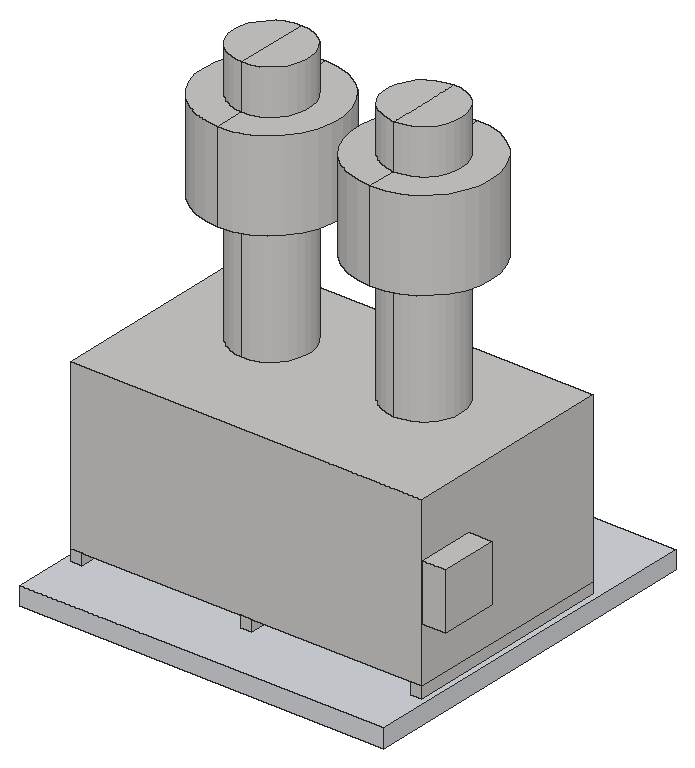
Revit family "DC_Rheem_PLM_Raypak_B3304HWT", category Plumbing Fixtures, host Face, Revit 2017
Family settings
  Host = Face
  Round Connector Dimension = Use Radius
  Part Type = Normal
  Cut with Voids When Loaded = No
  Shared = No
  Room Calculation Point = No
Parameters
  Width_ANZRS = 1430 mm
  URL = "http://www.rheem.com.au/downloads/PDF/Raypak_Mechanical_Heating_Brochure_July_09.pdf\r\n"
  Type Comments = "Recovery 12728L/h @ 50°C rise\r\n"
  TopSmallDiameter_ANZRS = 500 mm
  TopH2_ANZRS = 600 mm
  TopH1_ANZRS = 300 mm
  TopBigDiameter_ANZRS = 900 mm
  PRVDiameter_ANZRS = PRVRadius_ANZRS * 2  # 30 mm
  Materials_ANZRS = Raypak - Grey Powder Coated Steel
  PRVRadius_ANZRS = 15 mm
  PRVDistance_ANZRS = 400 mm
  Model = "B3304NCO/HWT\r\n\r\n"
  Manufacturer = "Raypak\r\n"
  Length_ANZRS = 2350 mm
  HotWaterPipeDistance_ANZRS = 235 mm
  HotWaterPipeRadius_ANZRS = 40 mm
  HotWaterPipeDiameter_ANZRS = HotWaterPipeRadius_ANZRS * 2  # 80 mm
  Height_ANZRS = 2965 mm
  GasPipeRadius_ANZRS = 40 mm
  GasPipeHeight_ANZRS = 600 mm
  GasPipeDistance_ANZRS = 210 mm
  GasPipeDiameter_ANZRS = GasPipeRadius_ANZRS * 2  # 80 mm
  EleBoxWidth_ANZRS = 160 mm
  EleBoxHeightFromBase_ANZRS = 450 mm
  EleBoxHeight_ANZRS = 380 mm
  DesignBy_ANZRS = "Design Content ©"
  Description = "Raypak - Gas Water Heater- Outdoor - 3304 MJ/h  Natural gas, On/Off gas control\r\n"
  Default Elevation = 0 mm
  ConnectionHeight_ANZRS = 910 mm
  ColdWaterPipeRadius_ANZRS = 40 mm
  ColdWaterPipeDistance_ANZRS = 567 mm
  ColdWaterPipeDiameter_ANZRS = ColdWaterPipeRadius_ANZRS * 2  # 80 mm
  BoxHeight_ANZRS = 1195 mm
  BaseWidth_ANZRS = 75 mm
  BaseHeight_ANZRS = 75 mm
  BaseDistance_ANZRS = 0 mm
  Author_ANZRS = "DM"
  Assembly Code = ""
  A1_ANZRS = 665 mm
Types (5, lengths in mm): name | URL | Type Comments | Model | GasPipeRadius_ANZRS | GasPipeDiameter_ANZRS | Description
  (no name) | "http://www.rheem.com.au/downloads/PDF/Raypak_Mechanical_Heating_Brochure_July_09.pdf\r\n" | "Recovery 12728L/h @ 50°C rise\r\n" | "B3304NCO/HWT\r\n\r\n" | 40 | 80 | "Raypak - Gas Water Heater- Outdoor - 3304 MJ/h  Natural gas, On/Off gas control\r\n"
  Raypak - Gas Water Heater- Outdoor - 3304 MJ/h  Natural gas, modulating gas control | "http://www.rheem.com.au/CommercialProducts" | "Recovery 12728L/h @ 50°C rise\r\n" | "B3304NCM/HWT\r\n" | 40 | 80 | "Raypak - Gas Water Heater- Outdoor - 3304 MJ/h  Natural gas, modulating gas control"
  Raypak - Gas Water Heater- Outdoor - 3304 MJ/h  Natural gas, On/Off gas control | "http://www.rheem.com.au/CommercialProducts" | "Recovery 12728L/h @ 50°C rise\r\n" | "B3304NCO/HWT\r\n\r\n" | 40 | 80 | "Raypak - Gas Water Heater- Outdoor - 3304 MJ/h  Natural gas, On/Off gas control\r\n"
  Raypak - Gas Water Heater- Outdoor - 3540 MJ/h  Propane gas, modulating gas control | "http://www.rheem.com.au/CommercialProducts" | "Recovery 13485L/h @ 50°C rise\r\n" | "B3304PCM/HWT\r\n" | 20 | 40 | "Raypak - Gas Water Heater- Outdoor - 3540 MJ/h  Propane gas, modulating gas control\r\n"
  Raypak - Gas Water Heater- Outdoor - 3540 MJ/h  Propane gas, On/Off gas control | "http://www.rheem.com.au/CommercialProducts" | "Recovery 13485L/h @ 50°C rise\r\n" | "B3304PCO/HWT\r\n" | 20 | 40 | "Raypak - Gas Water Heater- Outdoor - 3540 MJ/h  Propane gas, On/Off gas control\r\n"
Reference planes
  plane 1 "Center (Front/Back)": y = 0
  plane 2: z = 0
  plane 3 "Center (Left/Right)": x = 0
  plane 4: z = 75
  plane 5: x = -1175
  plane 6: x = 1175
  plane 7: x = 1335
  plane 8: z = 450
  plane 9: z = 1195
  plane 10: x = -1175
  plane 11: x = 1175
  plane 12: x = -1100
  plane 13: x = 1100
  plane 14: y = 580
  plane 15: y = -850
  plane 16: z = 2965
  plane 17: z = 2665
  plane 18: z = 2065
  plane 19: y = 250
  plane 20: y = -250
  plane 21: y = 450
  plane 22: y = -450
  plane 23: z = 910
  plane 24: y = 180
  plane 25: y = 345
  plane 26: y = -222
  plane 27: y = -640
  plane 28: z = 600
  plane 29: z = 830
  plane 30: x = -1165
  plane 31: x = -1355
  plane 32: x = -1255
  plane 33: x = -37.5
  plane 34: x = 37.5
  plane 35: x = -510
  plane 36: x = 510
  plane 37: x = -760
  plane 38: x = -260
  plane 39: x = -960
  plane 40: x = -60
  plane 41: x = 760
  plane 42: x = 260
  plane 43: x = 960
  plane 44: x = 60
  plane 45: y = -465
Forms (mm)
  Extrusion 1, solid
    sketch origin (0, 0, 0) x (1, 0, 0) y (0, 1, 0)
      loop
        line (-1219.2, 1219.2) -> (-1219.2, -1219.2) -> (1219.2, -1219.2) -> (1219.2, 1219.2) -> (-1219.2, 1219.2)
    from 0 to -120
  Extrusion 2, solid, material "Raypak - Grey Powder Coated Steel" <- "Materials_ANZRS"
    sketch origin (0, 0, 0) x (1, 0, 0) y (0, 0, 1)
      loop
        line (-1175, 75) -> (-1175, 0) -> (-1100, 0) -> (-1100, 75) -> (-1175, 75)
      loop
        line (1100, 75) -> (1100, 0) -> (1175, 0) -> (1175, 75) -> (1100, 75)
      loop
        line (-37.5, 75) -> (-37.5, 0) -> (37.5, 0) -> (37.5, 75) -> (-37.5, 75)
    from -580 to 850
  Extrusion 3, solid, material "Raypak - Grey Powder Coated Steel" <- "Materials_ANZRS"
    sketch origin (0, 0, 0) x (1, 0, 0) y (0, 1, 0)
      loop
        line (-1175, 580) -> (-1175, -850) -> (1175, -850) -> (1175, 580) -> (-1175, 580)
    from 75 to 1195
  Revolve 4, solid, material "Raypak - Grey Powder Coated Steel" <- "Materials_ANZRS"
    sketch origin (-510, -4572, 910) x (0, 0, -1) y (0, -1, 0)
      loop
        line (-2055, -4572) -> (-285, -4572) -> (-285, -4322) -> (-1155, -4322) -> (-1155, -4122) -> (-1755, -4122) -> (-1755, -4322) -> (-2055, -4322) -> (-2055, -4572)
      axis (-2055, -4572) -> (-285, -4572)
    angle from 0 to 360
  Extrusion 5, solid, material "Raypak - Grey Powder Coated Steel" <- "Materials_ANZRS"
    sketch origin (0, 0, 0) x (1, 0, 0) y (0, 0, 1)
      loop
        line (1175, 830) -> (1175, 450) -> (1335, 450) -> (1335, 830) -> (1175, 830)
    from 465 to 850
  Extrusion 6, solid, material "Raypak - Grey Powder Coated Steel" <- "Materials_ANZRS"
    sketch origin (0, 0, 0) x (0, 1, 0) y (0, 0, 1)
      loop
        circle (345, 910) r 40
      loop
        circle (-222, 910) r 40
    from -1355 to -1175
  Extrusion 7, solid, material "Raypak - Grey Powder Coated Steel" <- "Materials_ANZRS"
    sketch origin (0, 0, 0) x (0, 1, 0) y (0, 0, 1)
      loop
        circle (-640, 600) r 40
    from -1110 to -1175
  Extrusion 8, void
    sketch origin (0, 0, 0) x (0, 1, 0) y (0, 0, 1)
      loop
        circle (180, 910) r 15
    from -1175 to -1165
  Revolve 9, solid, material "Raypak - Grey Powder Coated Steel" <- "Materials_ANZRS"
    sketch origin (510, -4572, 910) x (0, 0, -1) y (0, -1, 0)
      loop
        line (-2055, -4572) -> (-285, -4572) -> (-285, -4322) -> (-1155, -4322) -> (-1155, -4122) -> (-1755, -4122) -> (-1755, -4322) -> (-2055, -4322) -> (-2055, -4572)
      axis (-2055, -4572) -> (-285, -4572)
    angle from 0 to 360
Cuts and joins
  Extrusion 8 cuts Extrusion 3
  joined: Extrusion 3, Extrusion 7
Lines and regions (mm)
  Masking region 1
    outline origin (0, 0, 0) x (0, 1, 0) y (0, 0, 1)
      loop
        line (250, 2965) -> (-250, 2965) -> (-250, 2665) -> (-450, 2665) -> (-450, 2065) -> (-250, 2065) -> (-250, 1195) -> (-850, 1195) -> (-850, 0) -> (580, 0) -> (580, 1195) -> (250, 1195) -> (250, 2065) -> (450, 2065) -> (450, 2665) -> (250, 2665) -> (250, 2965)
  Masking region 2
    outline origin (0, 0, 0) x (1, 0, 0) y (0, 1, 0)
      loop
        line (-1175, 580) -> (-1175, 385) -> (-1355, 385) -> (-1355, 305) -> (-1175, 305) -> (-1175, -182) -> (-1355, -182) -> (-1355, -262) -> (-1175, -262) -> (-1175, -600) -> (-1110, -600) -> (-1110, -680) -> (-1175, -680) -> (-1175, -850) -> (1335, -850) -> (1335, -465) -> (1175, -465) -> (1175, 580) -> (-1175, 580)
  Masking region 3
    outline origin (0, 0, 0) x (1, 0, 0) y (0, 0, 1)
      loop
        line (-260, 2665) -> (-260, 2965) -> (-510, 2965) -> (-760, 2965) -> (-760, 2665) -> (-960, 2665) -> (-960, 2065) -> (-760, 2065) -> (-760, 1195) -> (-1175, 1195) -> (-1175, 930) -> (-1355, 930) -> (-1355, 890) -> (-1175, 890) -> (-1175, 615) -> (-1255, 615) -> (-1255, 585) -> (-1175, 585) -> (-1175, 75) -> (-1175, 0) -> (-1100, 0) -> (-1100, 75) -> (-37.5, 75) -> (-37.5, 0) -> (37.5, 0) -> (37.5, 75) -> (1100, 75) -> (1100, 0) -> (1175, 0) -> (1175, 75) -> (1175, 450) -> (1335, 450) -> (1335, 830) -> (1175, 830) -> (1175, 1195) -> (760, 1195) -> (760, 2065) -> (960, 2065) -> (960, 2665) -> (760, 2665) -> (760, 2965) -> (260, 2965) -> (260, 2665) -> (60, 2665) -> (60, 2065) -> (260, 2065) -> (260, 1195) -> (-260, 1195) -> (-260, 2065) -> (-60, 2065) -> (-60, 2665) -> (-260, 2665)
  symbolic lines, style "Rheem Raypak", detail levels fine
    curve 1: line (1175, 0, 1195) -> (-1175, 0, 1195)
    curve 2: line (1175, 0, 75) -> (1175, 0, 1195)
    curve 3: line (-1175, 0, 1195) -> (-1175, 0, 75)
    curve 4: line (-1175, 0, 75) -> (1175, 0, 75)
    curve 5: line (-1100, 0, 0) -> (-1100, 0, 75)
    curve 6: line (-1175, 0, 0) -> (-1100, 0, 0)
    curve 7: line (-1175, 0, 75) -> (-1175, 0, 0)
    curve 8: line (1175, 0, 0) -> (1175, 0, 75)
    curve 9: line (1100, 0, 75) -> (1100, 0, 0)
    curve 10: line (1100, 0, 0) -> (1175, 0, 0)
    curve 11: line (1175, 0, 450) -> (1335, 0, 450)
    curve 12: line (1335, 0, 450) -> (1335, 0, 830)
    curve 13: line (1335, 0, 830) -> (1175, 0, 830)
    curve 14: line (-1255, 0, 585) -> (-1175, 0, 585)
    curve 15: line (-1255, 0, 615) -> (-1255, 0, 585)
    curve 16: line (-1175, 0, 615) -> (-1255, 0, 615)
    curve 17: line (0, -450, 2665) -> (0, 450, 2665)
    curve 18: line (0, -450, 2065) -> (0, 450, 2065)
    curve 19: line (0, 450, 2065) -> (0, 450, 2665)
    curve 20: line (0, -450, 2665) -> (0, -450, 2065)
    curve 21: line (0, -250, 2965) -> (0, -250, 2665)
    curve 22: line (0, 250, 2665) -> (0, 250, 2965)
    curve 23: line (0, -250, 2965) -> (0, 250, 2965)
    curve 24: line (0, -250, 2065) -> (0, -250, 1195)
    curve 25: line (0, 250, 1195) -> (0, 250, 2065)
    curve 26: line (0, 580, 1195) -> (0, -850, 1195)
    curve 27: line (0, -850, 1195) -> (0, -850, 75)
    curve 28: line (0, 580, 75) -> (0, 580, 1195)
    curve 29: line (0, -850, 75) -> (0, 580, 75)
    curve 30: line (0, 580, 0) -> (0, 580, 75)
    curve 31: line (0, -850, 75) -> (0, -850, 0)
    curve 32: line (0, -850, 0) -> (0, 580, 0)
    curve 33: arc (0, -242, 910) -> (0, -222, 890) -> (0, -202, 910) r 20
    curve 34: arc (0, -202, 910) -> (0, -222, 930) -> (0, -242, 910) r 20
    curve 35: arc (0, -625, 600) -> (0, -640, 585) -> (0, -655, 600) r 15
    curve 36: arc (0, -655, 600) -> (0, -640, 615) -> (0, -625, 600) r 15
    curve 37: arc (0, 325, 910) -> (0, 345, 890) -> (0, 365, 910) r 20
    curve 38: arc (0, 365, 910) -> (0, 345, 930) -> (0, 325, 910) r 20
    curve 39: arc (0, 165, 910) -> (0, 180, 895) -> (0, 195, 910) r 15
    curve 40: arc (0, 195, 910) -> (0, 180, 925) -> (0, 165, 910) r 15
    curve 41: line (1175, -850, 0) -> (1175, 580, 0)
    curve 42: line (-1175, -850, 0) -> (1175, -850, 0)
    curve 43: line (-1175, 580, 0) -> (-1175, -850, 0)
    curve 44: line (1335, -850, 0) -> (1335, 580, 0)
    curve 45: line (1175, -850, 0) -> (1335, -850, 0)
    curve 46: line (-1110, -600, 0) -> (-1110, -680, 0)
    curve 47: line (-1110, -600, 0) -> (-1175, -600, 0)
    curve 48: line (-1110, -680, 0) -> (-1175, -680, 0)
    curve 49: line (37.5, 0, 0) -> (37.5, 0, 75)
    curve 50: line (-1175, 0, 75) -> (1175, 0, 75)
    curve 51: line (-37.5, 0, 75) -> (-37.5, 0, 0)
    curve 52: line (-37.5, 0, 0) -> (37.5, 0, 0)
    curve 53: line (1335, 580, 0) -> (-1175, 580, 0)
    curve 54: line (960, 0, 2065) -> (960, 0, 2665)
    curve 55: line (60, 0, 2065) -> (60, 0, 2665)
    curve 56: line (260, 0, 2965) -> (260, 0, 2665)
    curve 57: line (760, 0, 2965) -> (760, 0, 2665)
    curve 58: line (60, 0, 2065) -> (960, 0, 2065)
    curve 59: line (60, 0, 2665) -> (960, 0, 2665)
    curve 60: line (260, 0, 2965) -> (760, 0, 2965)
    curve 61: line (260, 0, 2065) -> (260, 0, 1195)
    curve 62: line (760, 0, 2065) -> (760, 0, 1195)
    curve 63: line (-260, 0, 2965) -> (-510, 0, 2965)
    curve 64: line (-510, 0, 2965) -> (-760, 0, 2965)
    curve 65: line (-510, 0, 2665) -> (-960, 0, 2665)
    curve 66: line (-60, 0, 2665) -> (-510, 0, 2665)
    curve 67: line (-60, 0, 2065) -> (-510, 0, 2065)
    curve 68: line (-510, 0, 2065) -> (-960, 0, 2065)
    curve 69: line (-960, 0, 2065) -> (-960, 0, 2665)
    curve 70: line (-760, 0, 2965) -> (-760, 0, 2665)
    curve 71: line (-260, 0, 2965) -> (-260, 0, 2665)
    curve 72: line (-60, 0, 2065) -> (-60, 0, 2665)
    curve 73: line (-260, 0, 2065) -> (-260, 0, 1195)
    curve 74: line (-760, 0, 2065) -> (-760, 0, 1195)
    curve 83: line (-1175, 0, 930) -> (-1355, 0, 930)
    curve 84: line (-1355, 0, 930) -> (-1355, 0, 890)
    curve 85: line (-1355, 0, 890) -> (-1175, 0, 890)
  symbolic lines, style "Rheem Raypak"
    curve 75: arc (-510, -450, 0) -> (-60, 0, 0) -> (-510, 450, 0) r 450
    curve 76: arc (-510, 450, 0) -> (-960, 0, 0) -> (-510, -450, 0) r 450
    curve 77: arc (-510, 250, 0) -> (-760, 0, 0) -> (-510, -250, 0) r 250
    curve 78: arc (-510, -250, 0) -> (-260, 0, 0) -> (-510, 250, 0) r 250
    curve 79: arc (510, -450, 0) -> (60, 0, 0) -> (510, 450, 0) r 450
    curve 80: arc (510, -250, 0) -> (260, 0, 0) -> (510, 250, 0) r 250
    curve 81: arc (510, 250, 0) -> (760, 0, 0) -> (510, -250, 0) r 250
    curve 82: arc (510, 450, 0) -> (960, 0, 0) -> (510, -450, 0) r 450
Dimensions and locks
  "BaseHeight_ANZRS": plane 4 to level
  equal spacing: plane 6, plane 3 "Center (Left/Right)", plane 5
  "Length_ANZRS": plane 5 to plane 6
  "EleBoxWidth_ANZRS": plane 6 to plane 7
  "EleBoxHeightFromBase_ANZRS": plane 8 to Extrusion 1
  "EleBoxHeight_ANZRS": plane 29 to plane 8
  "BaseDistance_ANZRS": plane 10 to plane 5
  "BaseDistance_ANZRS": plane 11 to plane 6
  "BaseWidth_ANZRS": plane 10 to plane 12
  "BaseWidth_ANZRS": plane 11 to plane 13
  plane 1 "Center (Front/Back)" to plane 15 = 850 mm
  "Width_ANZRS": plane 14 to plane 15
  "Height_ANZRS": plane 16 to Extrusion 1
  "TopSmallDiameter_ANZRS": plane 19 to plane 20
  equal spacing: plane 19, plane 1 "Center (Front/Back)", plane 20
  equal spacing: plane 21, plane 1 "Center (Front/Back)", plane 22
  "TopBigDiameter_ANZRS": plane 21 to plane 22
  "ConnectionHeight_ANZRS": plane 23 to Extrusion 1
  "BoxHeight_ANZRS": plane 9 to Extrusion 1
  "PRVDistance_ANZRS": plane 14 to plane 24
  "HotWaterPipeDistance_ANZRS": plane 14 to plane 25
  "ColdWaterPipeDistance_ANZRS": plane 25 to plane 26
  "GasPipeDistance_ANZRS": plane 27 to plane 15
  "GasPipeHeight_ANZRS": plane 28 to Extrusion 1
  "TopH1_ANZRS": plane 16 to plane 17
  "TopH2_ANZRS": plane 17 to plane 18
  locked: plane 5 to plane 30 at 10
  plane 31 to plane 5 = 180 mm
  plane 31 to cut or joined group of Extrusion 3, Extrusion 7, Extrusion 8 = 180 mm
  plane 32 to cut or joined group of Extrusion 3, Extrusion 7, Extrusion 8 = 80 mm
  equal spacing: plane 33, plane 3 "Center (Left/Right)", plane 34
  "BaseWidth_ANZRS": plane 33 to plane 34
  plane 32 to plane 10 = 80 mm
  plane 31 to plane 10 = 180 mm
  "A1_ANZRS": plane 10 to plane 35
  "A1_ANZRS": plane 36 to plane 11
  equal spacing: plane 38, plane 35, plane 37
  "TopSmallDiameter_ANZRS": plane 38 to plane 37
  equal spacing: plane 39, plane 35, plane 40
  "TopBigDiameter_ANZRS": plane 39 to plane 40
  "TopSmallDiameter_ANZRS": plane 42 to plane 41
  "TopBigDiameter_ANZRS": plane 43 to plane 44
  equal spacing: plane 41, plane 36, plane 42
  equal spacing: plane 44, plane 36, plane 43
  equal spacing: Masking region 2 sketch curve, plane 25, Masking region 2 sketch curve
  "HotWaterPipeDiameter_ANZRS": Masking region 2 sketch curve to Masking region 2 sketch curve
  equal spacing: Masking region 2 sketch curve, plane 26, Masking region 2 sketch curve
  "ColdWaterPipeDiameter_ANZRS": Masking region 2 sketch curve to Masking region 2 sketch curve
  equal spacing: Masking region 2 sketch curve, plane 27, Masking region 2 sketch curve
  "GasPipeDiameter_ANZRS": Masking region 2 sketch curve to Masking region 2 sketch curve
  "ColdWaterPipeRadius_ANZRS": radius of Extrusion 6 sketch curve
  "HotWaterPipeRadius_ANZRS": radius of Extrusion 6 sketch curve
  "GasPipeRadius_ANZRS": radius of Extrusion 7 sketch curve
  "PRVRadius_ANZRS": radius of Extrusion 8 sketch curve
  aligned and locked: plane 2 to Extrusion 1
  aligned and locked: level to Extrusion 1
  aligned and locked: Extrusion 2 sketch curve to plane 4  (x2)
  aligned and locked: Extrusion 2 sketch curve to plane 10
  aligned and locked: level to Extrusion 2 sketch curve  (x2)
  aligned and locked: plane 12 to Extrusion 2 sketch curve
  aligned and locked: plane 13 to Extrusion 2 sketch curve
  aligned and locked: plane 11 to Extrusion 2 sketch curve
  aligned and locked: plane 14 to Extrusion 3 sketch curve
  aligned and locked: plane 15 to Extrusion 3 sketch curve
  aligned and locked: plane 6 to Extrusion 3 sketch curve
  aligned and locked: plane 9 to Extrusion 3
  aligned and locked: Extrusion 3 to plane 4
  aligned and locked: Extrusion 2 to plane 15
  aligned and locked: Extrusion 2 to plane 14
  aligned and locked: plane 16 to Revolve 4 sketch curve
  aligned and locked: Revolve 4 sketch curve to plane 20
  aligned and locked: Revolve 4 sketch curve to plane 22
  aligned and locked: plane 9 to Revolve 4 sketch curve
  aligned and locked: Revolve 4 sketch curve to plane 1 "Center (Front/Back)"
  aligned and locked: Extrusion 5 sketch curve to plane 29
  aligned and locked: Extrusion 5 sketch curve to plane 6
  aligned and locked: Extrusion 5 sketch curve to plane 8
  aligned and locked: plane 7 to Extrusion 5 sketch curve
  aligned: Extrusion 2 to Extrusion 5
  aligned and locked: Extrusion 5 to Extrusion 2
  aligned and locked: plane 25 to Extrusion 6 sketch curve
  aligned and locked: plane 23 to Extrusion 6 sketch curve  (x2)
  aligned and locked: plane 26 to Extrusion 6 sketch curve
  aligned and locked: Extrusion 3 to plane 5
  aligned: Extrusion 6 to plane 5
  aligned: Extrusion 6 to plane 30
  aligned and locked: plane 28 to Extrusion 7 sketch curve
  aligned and locked: plane 27 to Extrusion 7 sketch curve
  aligned: plane 31 to Extrusion 7
  aligned: Extrusion 7 to plane 30
  aligned: plane 5 to Extrusion 7
  aligned and locked: plane 16 to Masking region 1 sketch curve
  aligned and locked: Masking region 1 sketch curve to plane 17
  aligned and locked: Masking region 1 sketch curve to plane 22
  aligned and locked: plane 21 to Masking region 1 sketch curve
  aligned and locked: plane 19 to Masking region 1 sketch curve
  aligned and locked: Masking region 1 sketch curve to plane 20
  aligned and locked: plane 9 to Masking region 1 sketch curve
  aligned and locked: Masking region 1 sketch curve to plane 15
  aligned and locked: plane 14 to Masking region 1 sketch curve
  aligned and locked: Extrusion 1 to Masking region 1 sketch curve
  aligned and locked: Masking region 1 sketch curve to plane 18
  aligned and locked: curve 1 to cut or joined group of Extrusion 3, Extrusion 7, Extrusion 8
  aligned and locked: curve 2 to cut or joined group of Extrusion 3, Extrusion 7, Extrusion 8
  aligned and locked: curve 3 to cut or joined group of Extrusion 3, Extrusion 7, Extrusion 8
  aligned and locked: curve 4 to cut or joined group of Extrusion 3, Extrusion 7, Extrusion 8
  aligned and locked: curve 5 to Extrusion 2
  aligned and locked: curve 6 to Extrusion 2
  aligned and locked: curve 7 to Extrusion 2
  aligned and locked: curve 8 to Extrusion 2
  aligned and locked: curve 9 to Extrusion 2
  aligned and locked: curve 10 to Extrusion 2
  aligned and locked: curve 11 to Extrusion 5
  aligned and locked: curve 12 to Extrusion 5
  aligned and locked: curve 13 to Extrusion 5
  aligned: curve 15 to cut or joined group of Extrusion 3, Extrusion 7, Extrusion 8
  aligned and locked: curve 17 to Revolve 4
  aligned and locked: curve 18 to Revolve 4
  aligned and locked: curve 19 to Masking region 1
  aligned and locked: curve 20 to Masking region 1
  aligned and locked: curve 21 to Masking region 1
  aligned and locked: curve 22 to Masking region 1
  aligned and locked: curve 23 to Revolve 4
  aligned and locked: curve 24 to Masking region 1
  aligned and locked: curve 25 to Masking region 1
  aligned and locked: curve 26 to cut or joined group of Extrusion 3, Extrusion 7, Extrusion 8
  aligned and locked: curve 27 to cut or joined group of Extrusion 3, Extrusion 7, Extrusion 8
  aligned and locked: curve 28 to cut or joined group of Extrusion 3, Extrusion 7, Extrusion 8
  aligned and locked: curve 29 to cut or joined group of Extrusion 3, Extrusion 7, Extrusion 8
  aligned and locked: curve 30 to Extrusion 2
  aligned and locked: curve 31 to Extrusion 2
  aligned and locked: curve 32 to Extrusion 2
  aligned and locked: curve 41 to cut or joined group of Extrusion 3, Extrusion 7, Extrusion 8
  aligned and locked: curve 42 to cut or joined group of Extrusion 3, Extrusion 7, Extrusion 8
  aligned and locked: curve 43 to cut or joined group of Extrusion 3, Extrusion 7, Extrusion 8
  aligned and locked: curve 44 to Extrusion 5
  aligned and locked: curve 45 to Extrusion 5
  aligned: curve 46 to cut or joined group of Extrusion 3, Extrusion 7, Extrusion 8
  aligned and locked: plane 31 to Extrusion 6
  aligned: plane 5 to Extrusion 6
  aligned: plane 32 to Extrusion 7
  aligned and locked: curve 49 to Extrusion 2
  aligned and locked: curve 50 to cut or joined group of Extrusion 3, Extrusion 7, Extrusion 8
  aligned and locked: curve 51 to Extrusion 2
  aligned and locked: curve 52 to Extrusion 2
  aligned and locked: Masking region 2 sketch curve to curve 53
  aligned and locked: Masking region 2 sketch curve to Extrusion 2
  aligned and locked: Masking region 2 sketch curve to Extrusion 5  (x2)
  aligned and locked: Extrusion 6 to Masking region 2 sketch curve
  aligned and locked: Masking region 2 sketch curve to cut or joined group of Extrusion 3, Extrusion 7, Extrusion 8
  aligned and locked: plane 32 to curve 15
  aligned and locked: plane 24 to Extrusion 8 sketch curve
  aligned and locked: plane 23 to Extrusion 8 sketch curve
  aligned and locked: Extrusion 8 to plane 5
  aligned: Extrusion 6 to Extrusion 8
  aligned and locked: curve 47 to Extrusion 7
  aligned and locked: cut or joined group of Extrusion 3, Extrusion 7, Extrusion 8 to plane 10
  aligned and locked: Extrusion 8 to plane 30
  aligned and locked: Extrusion 6 to plane 10
  aligned and locked: plane 22 to Revolve 9 sketch curve
  aligned and locked: Revolve 9 sketch curve to plane 18
  aligned and locked: plane 20 to Revolve 9 sketch curve  (x2)
  aligned and locked: Revolve 9 sketch curve to plane 16
  aligned and locked: Revolve 9 sketch curve to plane 17
  aligned and locked: Revolve 9 sketch curve to plane 1 "Center (Front/Back)"
  aligned and locked: curve 54 to plane 43
  aligned and locked: curve 55 to plane 44
  aligned and locked: curve 56 to plane 42
  aligned and locked: plane 41 to curve 57
  aligned and locked: curve 58 to plane 18
  aligned and locked: curve 59 to plane 17
  aligned and locked: curve 60 to plane 16
  aligned and locked: curve 63 to Revolve 4
  aligned and locked: curve 64 to Revolve 4
  aligned and locked: curve 65 to Revolve 4
  aligned and locked: curve 66 to Revolve 4
  aligned and locked: curve 67 to Revolve 4
  aligned and locked: curve 68 to Revolve 4
  aligned and locked: curve 69 to plane 39
  aligned and locked: curve 70 to plane 37
  aligned and locked: plane 38 to curve 71
  aligned and locked: curve 72 to plane 40
  aligned and locked: plane 17 to curve 72
  aligned and locked: plane 17 to curve 70
  aligned and locked: plane 17 to curve 71
  aligned and locked: plane 18 to curve 74
  aligned and locked: plane 18 to curve 73
  aligned and locked: Masking region 3 sketch curve to curve 71
  aligned and locked: Masking region 3 sketch curve to curve 63
  aligned and locked: Masking region 3 sketch curve to curve 64
  aligned and locked: Masking region 3 sketch curve to curve 70
  aligned and locked: Masking region 3 sketch curve to curve 56
  aligned and locked: Masking region 3 sketch curve to curve 60
  aligned and locked: Masking region 3 sketch curve to curve 57
  aligned and locked: Revolve 4 to Masking region 3 sketch curve  (x2)
  aligned and locked: Masking region 3 sketch curve to Revolve 4  (x2)
  aligned and locked: Masking region 3 sketch curve to curve 69
  aligned and locked: Masking region 3 sketch curve to curve 72
  aligned and locked: Masking region 3 sketch curve to curve 74
  aligned and locked: Masking region 3 sketch curve to curve 73
  aligned and locked: Masking region 3 sketch curve to curve 61
  aligned and locked: Masking region 3 sketch curve to curve 62
  aligned and locked: Revolve 9 to Masking region 3 sketch curve  (x2)
  aligned and locked: Masking region 3 sketch curve to Revolve 9  (x2)
  aligned and locked: Masking region 3 sketch curve to curve 54
  aligned and locked: Masking region 3 sketch curve to curve 55
  aligned and locked: Masking region 3 sketch curve to cut or joined group of Extrusion 3, Extrusion 7, Extrusion 8  (x3)
  aligned and locked: Masking region 3 sketch curve to Extrusion 2  (x9)
  aligned and locked: cut or joined group of Extrusion 3, Extrusion 7, Extrusion 8 to Masking region 3 sketch curve
  aligned and locked: Masking region 3 sketch curve to Extrusion 5  (x3)
  aligned and locked: plane 9 to curve 73
  aligned and locked: plane 9 to curve 74
  aligned and locked: curve 75 to Revolve 4
  aligned and locked: curve 76 to Revolve 4
  aligned and locked: curve 77 to Revolve 4
  aligned and locked: curve 78 to Revolve 4
  aligned and locked: curve 79 to Revolve 9
  aligned and locked: curve 80 to Revolve 9
  aligned and locked: curve 81 to Revolve 9
  aligned and locked: curve 82 to Revolve 9
  aligned and locked: plane 31 to Masking region 3 sketch curve
  aligned and locked: plane 32 to Masking region 3 sketch curve
  aligned and locked: curve 83 to Masking region 3
  aligned and locked: Extrusion 6 to curve 84
  aligned and locked: curve 85 to Masking region 3
  aligned and locked: plane 45 to Extrusion 5
  aligned and locked: plane 45 to Masking region 2 sketch curve
  aligned and locked: Masking region 2 sketch curve to plane 11
  aligned and locked: curve 47 to Masking region 2
  aligned and locked: curve 48 to Masking region 2
Automatic sketch dimensions
  curve 43 to plane 5 = 0 mm
  curve 45 to plane 6 = 0 mm
  curve 44 to plane 7 = 0 mm
  curve 42 to plane 15 = 0 mm
  plane 14 to curve 44 = 0 mm
  plane 27 to curve 48 = 40 mm
  curve 47 to plane 27 = 40 mm
  curve 33 to curve 34 = 0 mm  (x2)
  curve 35 to curve 36 = 0 mm  (x2)
  curve 37 to curve 38 = 0 mm  (x2)
  curve 39 to curve 40 = 0 mm  (x2)
  curve 31 to plane 4 = 0 mm
  curve 31 to plane 15 = 0 mm
  curve 36 to plane 28 = 0 mm
  curve 35 to plane 27 = 0 mm
  curve 18 to plane 18 = 0 mm
  curve 18 to plane 22 = 0 mm
  curve 23 to plane 16 = 0 mm
  curve 23 to plane 20 = 0 mm
  curve 24 to plane 9 = 0 mm
  curve 24 to plane 20 = 0 mm
  curve 33 to plane 23 = 0 mm
  curve 33 to plane 26 = 0 mm
  curve 39 to plane 23 = 0 mm
  curve 40 to plane 24 = 0 mm
  curve 22 to plane 19 = 0 mm
  curve 25 to plane 19 = 0 mm
  curve 37 to plane 23 = 0 mm
  curve 37 to plane 25 = 0 mm
  plane 17 to curve 19 = 0 mm
  curve 19 to plane 21 = 0 mm
  curve 29 to plane 14 = 0 mm
  curve 32 to level = 0 mm
  curve 36 to curve 35 = 15 mm
  plane 26 to curve 33 = 20 mm
  plane 24 to curve 39 = 15 mm
  plane 25 to curve 37 = 20 mm
  Extrusion 1 sketch curve to Extrusion 1 sketch curve = 2438.4 mm  (x2)
  Extrusion 2 sketch curve to plane 4 = 0 mm
  plane 33 to Extrusion 2 sketch curve = 0 mm
  Extrusion 2 sketch curve to level = 0 mm
  Extrusion 2 sketch curve to plane 34 = 0 mm
  Extrusion 3 sketch curve to plane 5 = 0 mm
  Masking region 1 sketch curve to plane 17 = 0 mm
  Masking region 1 sketch curve to plane 20 = 0 mm
  Masking region 1 sketch curve to plane 19 = 0 mm
  Masking region 1 sketch curve to plane 9 = 0 mm
  Masking region 1 sketch curve to plane 18 = 0 mm
  plane 32 to curve 14 = 0 mm
  curve 3 to plane 4 = 0 mm
  curve 3 to plane 5 = 0 mm
  curve 6 to level = 0 mm
  curve 6 to plane 5 = 0 mm
  plane 12 to curve 6 = 0 mm
  curve 74 to plane 37 = 0 mm
  curve 63 to plane 16 = 0 mm
  plane 35 to curve 63 = 0 mm
  plane 35 to curve 67 = 0 mm
  plane 35 to curve 66 = 0 mm
  plane 38 to curve 73 = 0 mm
  plane 33 to curve 51 = 0 mm
  curve 49 to plane 34 = 0 mm
  curve 61 to plane 42 = 0 mm
  plane 41 to curve 62 = 0 mm
  curve 10 to level = 0 mm
  curve 10 to plane 13 = 0 mm
  plane 6 to curve 4 = 0 mm
  plane 6 to curve 10 = 0 mm
  plane 7 to curve 12 = 0 mm
  curve 52 to level = 0 mm
  curve 11 to plane 8 = 0 mm
  curve 13 to plane 29 = 0 mm
  curve 14 to plane 28 = 15 mm
  plane 28 to curve 16 = 15 mm
  Revolve 9 sketch curve to plane 1 "Center (Front/Back)" = 0 mm
  Revolve 9 sketch curve to plane 9 = 0 mm
  Revolve 9 sketch curve to Revolve 9 sketch curve = 51.193 mm
  level to Revolve 9 sketch curve = 2207.352 mm
  Revolve 4 sketch curve to plane 1 "Center (Front/Back)" = 0 mm
  Revolve 4 sketch curve to plane 17 = 0 mm
  Revolve 4 sketch curve to plane 18 = 0 mm
  Revolve 4 sketch curve to plane 20 = 0 mm
  Revolve 4 sketch curve to plane 16 = 51.193 mm
  Revolve 4 sketch curve to level = 2207.352 mm
  plane 35 to Masking region 3 sketch curve = 0 mm
  plane 6 to Masking region 3 sketch curve = 0 mm
  Masking region 3 sketch curve to plane 4 = 0 mm  (x3)
  Masking region 3 sketch curve to plane 9 = 0 mm  (x2)
  Masking region 3 sketch curve to plane 28 = 15 mm
  plane 28 to Masking region 3 sketch curve = 15 mm
  Masking region 3 sketch curve to plane 23 = 20 mm
  plane 23 to Masking region 3 sketch curve = 20 mm
  Masking region 3 sketch curve to plane 5 = 0 mm
  plane 31 to curve 83 = 0 mm
  plane 23 to curve 83 = 20 mm
  curve 84 to plane 23 = 20 mm
  Masking region 2 sketch curve to plane 31 = 0 mm
  Masking region 2 sketch curve to plane 5 = 0 mm  (x3)
Connectors
  piping at (-1110, -615, 600), diameter 80, driven by "GasPipeRadius_ANZRS"
    settings: on cut or joined group of Extrusion 3, Extrusion 7, Extrusion 8, index 4, connector inside diameter 3.14961", connector length 0 mm, flow factor 0, pipe flow 0 GPM, pressure drop 0.00 psi, fitting loss kfactor 0, connector angle 0.00°, fixture units 0, engagement length 0 mm, angle of deflection 0.00°, flow configuration 1, flow direction 1, fitting loss method 0, system type 22, joint type 0, gender type 0, connector reference index -1, connector utility 0, adjustable connector no, is connector primary yes, connector description "Gas"
  piping at (-1355, 345, 910), diameter 80, driven by "HotWaterPipeRadius_ANZRS"
    settings: on Extrusion 6, index 5, connector inside diameter 3.14961", connector length 0 mm, flow factor 0, pipe flow 0 GPM, pressure drop 0.00 psi, fitting loss kfactor 0, connector angle 0.00°, fixture units 0, engagement length 0 mm, angle of deflection 0.00°, flow configuration 1, flow direction 2, fitting loss method 0, system type 19, joint type 0, gender type 0, connector reference index -1, connector utility 0, adjustable connector no, is connector primary no, connector description ""
  piping at (-1355, -222, 910), diameter 80, driven by "ColdWaterPipeRadius_ANZRS"
    settings: on Extrusion 6, index 7, connector inside diameter 3.14961", connector length 0 mm, flow factor 0, pipe flow 0 GPM, pressure drop 0.00 psi, fitting loss kfactor 0, connector angle 0.00°, fixture units 0, engagement length 0 mm, angle of deflection 0.00°, flow configuration 1, flow direction 1, fitting loss method 0, system type 20, joint type 0, gender type 0, connector reference index -1, connector utility 0, adjustable connector no, is connector primary no, connector description ""
  piping at (-1175, 180, 910), diameter 30, driven by "PRVRadius_ANZRS"
    settings: on cut or joined group of Extrusion 3, Extrusion 7, Extrusion 8, index 8, connector inside diameter 1.1811", connector length 0 mm, flow factor 0, pipe flow 0 GPM, pressure drop 0.00 psi, fitting loss kfactor 0, connector angle 0.00°, fixture units 0, engagement length 0 mm, angle of deflection 0.00°, flow configuration 1, flow direction 2, fitting loss method 0, system type 22, joint type 0, gender type 0, connector reference index -1, connector utility 0, adjustable connector no, is connector primary no, connector description "PRV"
